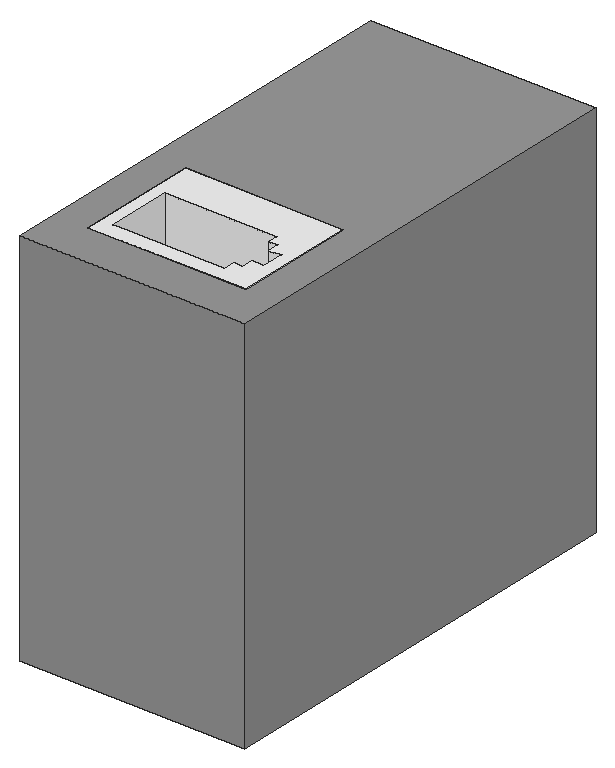
Revit family "Domotics-DomesticRanges-GEWISS-SYSTEM_DATA-PHONE_SOCKET_ENG", category Apparecchi elettrici, host Superficie, Revit 2016
Family settings
  Host = Superficie
  Mantenere orientamento annotazione = Sì
  Tipo di parte = Normale
  Quota connettore circolare = Usa diametro
  Numero OmniClass = 23.80.50.11.14
  Titolo OmniClass = Switches
  Taglio con vuoti quando caricato = Sì
  Condiviso = Sì
  Punto di calcolo locali = Sì
Parameters (values of type "GW21272 - SINGLE 1M BRITISH PHONE SOCKET SY/BK")
  Volt = 230 V
  Vista di pianta [instance] = yes
  Version file RFA = "19.4"
  URL = "https://www.gewiss.com/ww/en"
  Tipo_ = SYSTEM PRESE TEL ENG_BASE : GW21272 Presa telefonica Inglese 1M singola nero
  Technical sheet = "https://www.gewiss.com/ww/en/search?q=GW21272"
  Standard: = "UK"
  SIMBOLO [instance] = yes
  SEO = "Connector"
  Realized by GEWISS S.p.A. = ""
  Produttore = "GEWISS S.p.A."
  Offset pulsante [instance] = 0 mm
  Offset bidimensionale [instance] = 39.5 mm
  No. SYSTEM modules = "1"
  N. poli = 1
  Modello = "GW21272"
  Larghezza pulsante = 23 mm
  IFC.TypeObject = ""
  IFC.ExportType = ""
  IFC.ExportAs = ""
  IDT = "7866d6bf-aafb-40d5-8ada-9406e3f3ec0e"
  IDF = "0e5d4f40-860d-484c-97f0-836a3f57170f"
  Finitura pulsante = GEWISS ACCIAIO NERO
  Electrocod = "3721                "
  EAN code = "8011564128835"
  Distanza_x [instance] = 0 mm
  Distanza_effettiva_y [instance] = 100 mm
  Distanza_effettiva_x [instance] = 1500 mm - Distanza_x  # 1500 mm
  Distanza orizzontale simbolo [instance] = 231.658 mm
  Distanza dal muro [instance] = 4.208 mm
  Default Elevation = 1219.2 mm
  Immagine tipo = GW21272.jpg
  Descrizione = "SINGLE 1M BRITISH PHONE SOCKET SY/BK"
  Description: = "British 6 contacts"
  Description. = "Telephone socket-outlet"
  Connection = "Screw-on terminals"
  Colour = "Black"
  Catalogue Range = "SYSTEM - DOMESTIC RANGE"
  Catalogue = "DOMOTICS"
  Carico apparente = 0 VA
  COBie.Tagnumber = ""
  COBie.CreatedOn = ""
  COBie.CreatebBy = ""
  COBie.ComponentRegisterItemID = ""
  COBie.Component.TagNumber = ""
  COBie.Component.Space = ""
  COBie.Component.SerialNumber = ""
  COBie.Component.InstallationDate = ""
  COBie.Component.Description = ""
  COBie.Component.BarCode = ""
Types (2, lengths in mm): name | Tipo_ | Technical sheet | Modello | IDT | Finitura pulsante | EAN code | Immagine tipo | Descrizione | Colour
  GW20272 - SINGLE 1M BRITISH PHONE SOCKET SY/WT | SYSTEM PRESE TEL ENG_BASE : GW20272 Presa telefonica Inglese 1M singola bianco | "https://www.gewiss.com/ww/en/search?q=GW20272" | "GW20272" | "0fddc938-f66b-4424-a24e-25f8c26626e2" | GEWISS ACCIAIO BIANCO | "8011564123847" | GW20272.jpg | "SINGLE 1M BRITISH PHONE SOCKET SY/WT" | "White"
  GW21272 - SINGLE 1M BRITISH PHONE SOCKET SY/BK | SYSTEM PRESE TEL ENG_BASE : GW21272 Presa telefonica Inglese 1M singola nero | "https://www.gewiss.com/ww/en/search?q=GW21272" | "GW21272" | "7866d6bf-aafb-40d5-8ada-9406e3f3ec0e" | GEWISS ACCIAIO NERO | "8011564128835" | GW21272.jpg | "SINGLE 1M BRITISH PHONE SOCKET SY/BK" | "Black"
Reference planes
  plane 1 "Centro (Fronte/Retro)": y = 0
  plane 2: z = 0
  plane 3 "Centro (Sinistra/Destra)": x = 0
  plane 4: z = 0
  plane 5 "piano bidimensionale": z = 39.5
  plane 6: x = -11.5
  plane 7: x = 11.5
  plane 8 "A": z = 39
  plane 9: x = -1500
  plane 10: x = 0
  plane 11: y = 100
Lines and regions (mm)
  Masking region 1, visible <- "Vista di pianta"
    outline origin (0, 0, 0) x (1, 0, 0) y (0, 1, 0)
      loop
        line (-11.5, 22.5) -> (-11.5, -22.5) -> (11.5, -22.5) -> (11.5, 22.5) -> (-11.5, 22.5)
      loop
        line (-3.974, 12.386) -> (-5.036, 13.774) -> (-5.991, 13.362) -> (-6.815, 14.295) -> (-7.639, 15.878) -> (-6.75, 16.529) -> (-7.726, 18.22) -> (-9.049, 17.114) -> (-8.658, 15.791) -> (-7.942, 14.295) -> (-6.598, 12.386) -> (-5.687, 11.606) -> (-3.974, 12.386)
      loop
        line (-8.084, -5.561) -> (-8.084, -18.053) -> (8.084, -18.053) -> (8.084, -5.561) -> (-8.084, -5.561)
      loop
        line (4.652, -16.476) -> (4.652, -15.307) -> (5.588, -15.307) -> (5.588, -14.211) -> (6.864, -14.211) -> (6.864, -11.941) -> (5.588, -11.941) -> (5.588, -10.845) -> (4.652, -10.845) -> (4.652, -9.839) -> (-6.799, -9.839) -> (-6.799, -16.476) -> (4.652, -16.476)
  Masking region 2, visible <- "Vista di pianta"
    outline origin (0, 0, 0) x (1, 0, 0) y (0, 0, 1)
      loop
        line (11.5, 0) -> (11.5, 39) -> (-11.5, 39) -> (-11.5, 0) -> (11.5, 0)
  Masking region 3, visible <- "Vista di pianta"
    outline origin (0, 0, 0) x (0, 1, 0) y (0, 0, 1)
      loop
        line (22.5, 0) -> (22.5, 39) -> (-22.5, 39) -> (-22.5, 0) -> (22.5, 0)
  model lines, style "0", detail levels coarse
    curve 1: line (11.5, -22.5, 39.5) -> (-11.5, -22.5, 39.5)
    curve 2: line (-11.5, -22.5, 39.5) -> (-11.5, 22.5, 39.5)
    curve 3: line (-11.5, 22.5, 39.5) -> (11.5, 22.5, 39.5)
    curve 4: line (11.5, 22.5, 39.5) -> (11.5, -22.5, 39.5)
    curve 5: line (-8.084, -18.053, 39.5) -> (-8.084, -5.561, 39.5)
    curve 6: line (-8.084, -5.561, 39.5) -> (8.084, -5.561, 39.5)
    curve 7: line (8.084, -5.561, 39.5) -> (8.084, -18.053, 39.5)
    curve 8: line (8.084, -18.053, 39.5) -> (-8.084, -18.053, 39.5)
    curve 9: line (4.554, -10.262, 39.5) -> (4.554, -9.839, 39.5)
    curve 10: line (4.554, -9.839, 39.5) -> (-6.799, -9.839, 39.5)
    curve 11: line (-6.799, -9.839, 39.5) -> (-6.799, -14.947, 39.5)
    curve 12: line (-6.799, -14.947, 39.5) -> (-6.279, -14.947, 39.5)
    curve 13: line (-6.279, -14.947, 39.5) -> (-6.279, -16.476, 39.5)
    curve 14: line (-6.279, -16.476, 39.5) -> (4.652, -16.476, 39.5)
    curve 15: line (4.652, -16.476, 39.5) -> (4.652, -15.727, 39.5)
    curve 16: line (4.652, -15.727, 39.5) -> (6.148, -15.727, 39.5)
    curve 17: line (6.148, -15.727, 39.5) -> (6.148, -14.621, 39.5)
    curve 18: line (6.148, -14.621, 39.5) -> (6.864, -14.621, 39.5)
    curve 19: line (6.864, -14.621, 39.5) -> (6.864, -11.531, 39.5)
    curve 20: line (6.864, -11.531, 39.5) -> (6.148, -11.531, 39.5)
    curve 21: line (6.148, -11.531, 39.5) -> (6.148, -10.262, 39.5)
    curve 22: line (6.148, -10.262, 39.5) -> (4.554, -10.262, 39.5)
    curve 23: line (-7.726, 18.22, 39.5) -> (-9.049, 17.114, 39.5)
    curve 24: line (-9.049, 17.114, 39.5) -> (-8.658, 15.791, 39.5)
    curve 25: line (-8.658, 15.791, 39.5) -> (-7.942, 14.295, 39.5)
    curve 26: line (-7.942, 14.295, 39.5) -> (-6.598, 12.386, 39.5)
    curve 27: line (-6.598, 12.386, 39.5) -> (-5.687, 11.606, 39.5)
    curve 28: line (-5.687, 11.606, 39.5) -> (-3.974, 12.386, 39.5)
    curve 29: line (-3.974, 12.386, 39.5) -> (-5.036, 13.774, 39.5)
    curve 30: line (-5.036, 13.774, 39.5) -> (-5.991, 13.362, 39.5)
    curve 31: line (-5.991, 13.362, 39.5) -> (-6.815, 14.295, 39.5)
    curve 32: line (-6.815, 14.295, 39.5) -> (-7.639, 15.878, 39.5)
    curve 33: line (-7.639, 15.878, 39.5) -> (-6.75, 16.529, 39.5)
    curve 34: line (-6.75, 16.529, 39.5) -> (-7.726, 18.22, 39.5)
  model lines, style "0", not visible, detail levels coarse
    curve 35: line (99.729, 22.641, 49) -> (76.729, 22.641, 49)
    curve 36: line (76.729, 22.641, 49) -> (76.729, 67.641, 49)
    curve 37: line (76.729, 67.641, 49) -> (99.729, 67.641, 49)
    curve 38: line (99.729, 67.641, 49) -> (99.729, 22.641, 49)
    curve 39: line (80.145, 27.088, 49) -> (80.145, 39.58, 49)
    curve 40: line (80.145, 39.58, 49) -> (96.313, 39.58, 49)
    curve 41: line (96.313, 39.58, 49) -> (96.313, 27.088, 49)
    curve 42: line (96.313, 27.088, 49) -> (80.145, 27.088, 49)
    curve 43: line (92.784, 34.879, 49) -> (92.784, 35.302, 49)
    curve 44: line (92.784, 35.302, 49) -> (81.43, 35.302, 49)
    curve 45: line (81.43, 35.302, 49) -> (81.43, 30.195, 49)
    curve 46: line (81.43, 30.195, 49) -> (81.951, 30.195, 49)
    curve 47: line (81.951, 30.195, 49) -> (81.951, 28.666, 49)
    curve 48: line (81.951, 28.666, 49) -> (92.881, 28.666, 49)
    curve 49: line (92.881, 28.666, 49) -> (92.881, 29.414, 49)
    curve 50: line (92.881, 29.414, 49) -> (94.378, 29.414, 49)
    curve 51: line (94.378, 29.414, 49) -> (94.378, 30.52, 49)
    curve 52: line (94.378, 30.52, 49) -> (95.093, 30.52, 49)
    curve 53: line (95.093, 30.52, 49) -> (95.093, 33.611, 49)
    curve 54: line (95.093, 33.611, 49) -> (94.378, 33.611, 49)
    curve 55: line (94.378, 33.611, 49) -> (94.378, 34.879, 49)
    curve 56: line (94.378, 34.879, 49) -> (92.784, 34.879, 49)
    curve 57: line (83.085, 35.302, 49) -> (83.085, 32.644, 49)
    curve 58: line (83.085, 32.644, 49) -> (83.605, 32.644, 49)
    curve 59: line (83.605, 32.644, 49) -> (83.605, 35.302, 49)
    curve 60: line (84.754, 35.302, 49) -> (84.754, 32.644, 49)
    curve 61: line (84.754, 32.644, 49) -> (85.275, 32.644, 49)
    curve 62: line (85.275, 32.644, 49) -> (85.275, 35.302, 49)
    curve 63: line (86.424, 35.302, 49) -> (86.424, 32.644, 49)
    curve 64: line (86.424, 32.644, 49) -> (86.945, 32.644, 49)
    curve 65: line (86.945, 32.644, 49) -> (86.945, 35.302, 49)
    curve 66: line (88.094, 35.302, 49) -> (88.094, 32.644, 49)
    curve 67: line (88.094, 32.644, 49) -> (88.615, 32.644, 49)
    curve 68: line (88.615, 32.644, 49) -> (88.615, 35.302, 49)
    curve 69: line (89.764, 35.302, 49) -> (89.764, 32.644, 49)
    curve 70: line (89.764, 32.644, 49) -> (90.285, 32.644, 49)
    curve 71: line (90.285, 32.644, 49) -> (90.285, 35.302, 49)
    curve 72: line (91.434, 35.302, 49) -> (91.434, 32.644, 49)
    curve 73: line (91.434, 32.644, 49) -> (91.955, 32.644, 49)
    curve 74: line (91.955, 32.644, 49) -> (91.955, 35.302, 49)
    curve 75: line (80.504, 63.362, 49) -> (79.181, 62.256, 49)
    curve 76: line (79.181, 62.256, 49) -> (79.571, 60.933, 49)
    curve 77: line (79.571, 60.933, 49) -> (80.287, 59.436, 49)
    curve 78: line (80.287, 59.436, 49) -> (81.631, 57.528, 49)
    curve 79: line (81.631, 57.528, 49) -> (82.542, 56.747, 49)
    curve 80: line (82.542, 56.747, 49) -> (84.256, 57.528, 49)
    curve 81: line (84.256, 57.528, 49) -> (83.193, 58.916, 49)
    curve 82: line (83.193, 58.916, 49) -> (82.239, 58.504, 49)
    curve 83: line (82.239, 58.504, 49) -> (81.414, 59.436, 49)
    curve 84: line (81.414, 59.436, 49) -> (80.59, 61.02, 49)
    curve 85: line (80.59, 61.02, 49) -> (81.48, 61.67, 49)
    curve 86: line (81.48, 61.67, 49) -> (80.504, 63.362, 49)
    curve 87: line (94.988, -12.678, 39.5) -> (71.988, -12.678, 39.5)
    curve 88: line (71.988, -12.678, 39.5) -> (71.988, 32.322, 39.5)
    curve 89: line (71.988, 32.322, 39.5) -> (94.988, 32.322, 39.5)
    curve 90: line (94.988, 32.322, 39.5) -> (94.988, -12.678, 39.5)
    curve 91: line (75.404, -8.231, 39.5) -> (75.404, 4.261, 39.5)
    curve 92: line (75.404, 4.261, 39.5) -> (91.572, 4.261, 39.5)
    curve 93: line (91.572, 4.261, 39.5) -> (91.572, -8.231, 39.5)
    curve 94: line (91.572, -8.231, 39.5) -> (75.404, -8.231, 39.5)
    curve 95: line (88.043, -0.44, 39.5) -> (88.043, -0.017, 39.5)
    curve 96: line (88.043, -0.017, 39.5) -> (76.689, -0.017, 39.5)
    curve 97: line (76.689, -0.017, 39.5) -> (76.689, -5.125, 39.5)
    curve 98: line (76.689, -5.125, 39.5) -> (77.21, -5.125, 39.5)
    curve 99: line (77.21, -5.125, 39.5) -> (77.21, -6.654, 39.5)
    curve 100: line (77.21, -6.654, 39.5) -> (88.14, -6.654, 39.5)
    curve 101: line (88.14, -6.654, 39.5) -> (88.14, -5.905, 39.5)
    curve 102: line (88.14, -5.905, 39.5) -> (89.637, -5.905, 39.5)
    curve 103: line (89.637, -5.905, 39.5) -> (89.637, -4.799, 39.5)
    curve 104: line (89.637, -4.799, 39.5) -> (90.352, -4.799, 39.5)
    curve 105: line (90.352, -4.799, 39.5) -> (90.352, -1.709, 39.5)
    curve 106: line (90.352, -1.709, 39.5) -> (89.637, -1.709, 39.5)
    curve 107: line (89.637, -1.709, 39.5) -> (89.637, -0.44, 39.5)
    curve 108: line (89.637, -0.44, 39.5) -> (88.043, -0.44, 39.5)
    curve 109: line (75.763, 28.043, 39.5) -> (74.44, 26.936, 39.5)
    curve 110: line (74.44, 26.936, 39.5) -> (74.83, 25.613, 39.5)
    curve 111: line (74.83, 25.613, 39.5) -> (75.546, 24.117, 39.5)
    curve 112: line (75.546, 24.117, 39.5) -> (76.89, 22.209, 39.5)
    curve 113: line (76.89, 22.209, 39.5) -> (77.801, 21.428, 39.5)
    curve 114: line (77.801, 21.428, 39.5) -> (79.515, 22.209, 39.5)
    curve 115: line (79.515, 22.209, 39.5) -> (78.452, 23.597, 39.5)
    curve 116: line (78.452, 23.597, 39.5) -> (77.498, 23.184, 39.5)
    curve 117: line (77.498, 23.184, 39.5) -> (76.673, 24.117, 39.5)
    curve 118: line (76.673, 24.117, 39.5) -> (75.849, 25.7, 39.5)
    curve 119: line (75.849, 25.7, 39.5) -> (76.739, 26.351, 39.5)
    curve 120: line (76.739, 26.351, 39.5) -> (75.763, 28.043, 39.5)
Dimensions and locks
  "Offset pulsante": plane 4 to host face
  equal spacing: plane 6, plane 3 "Centro (Sinistra/Destra)", plane 7
  "Larghezza pulsante": plane 6 to plane 7
  locked: plane 8 "A" to plane 4 at 39
  plane 9 to plane 3 "Centro (Sinistra/Destra)" = 1500 mm
  "Distanza_effettiva_x": plane 9 to plane 10
  "Distanza_effettiva_y": plane 11 to plane 1 "Centro (Fronte/Retro)"
  "Offset bidimensionale": plane 5 "piano bidimensionale" to host face
  aligned and locked: plane 2 to host face
  aligned and locked: level to host face
  aligned and locked: plane 10 to nested 1
  aligned and locked: plane 1 "Centro (Fronte/Retro)" to nested 1
  aligned and locked: Masking region 1 sketch curve to plane 6
  aligned and locked: Masking region 1 sketch curve to plane 7
  aligned and locked: nested 2 to plane 10
  aligned and locked: nested 2 to plane 11
  aligned and locked: nested 1 to plane 4
  aligned and locked: Masking region 2 sketch curve to nested 1  (x2)
  aligned and locked: plane 4 to nested 1
  aligned and locked: Masking region 3 sketch curve to nested 1  (x4)
  aligned and locked: Masking region 3 to plane 4
Automatic sketch dimensions
  host sketch curve to host sketch curve = 2438.4 mm  (x2)
  plane 1 "Centro (Fronte/Retro)" to Masking region 1 sketch curve = 22.5 mm
  Masking region 1 sketch curve to plane 1 "Centro (Fronte/Retro)" = 22.5 mm
  Masking region 1 sketch curve to plane 3 "Centro (Sinistra/Destra)" = 3.974 mm
  Masking region 1 sketch curve to plane 1 "Centro (Fronte/Retro)" = 12.386 mm
  Masking region 1 sketch curve to Masking region 1 sketch curve = 1.713 mm
  Masking region 1 sketch curve to Masking region 1 sketch curve = 1.063 mm
  Masking region 1 sketch curve to Masking region 1 sketch curve = 0.781 mm  (x2)
  Masking region 1 sketch curve to Masking region 1 sketch curve = 1.388 mm
  Masking region 1 sketch curve to Masking region 1 sketch curve = 0.911 mm
  Masking region 1 sketch curve to Masking region 1 sketch curve = 1.345 mm
  Masking region 1 sketch curve to Masking region 1 sketch curve = 1.909 mm
  Masking region 1 sketch curve to Masking region 1 sketch curve = 0.716 mm
  Masking region 1 sketch curve to Masking region 1 sketch curve = 1.496 mm
  Masking region 1 sketch curve to Masking region 1 sketch curve = 0.39 mm
  Masking region 1 sketch curve to Masking region 1 sketch curve = 1.323 mm  (x2)
  Masking region 1 sketch curve to Masking region 1 sketch curve = 1.106 mm
  Masking region 1 sketch curve to Masking region 1 sketch curve = 0.976 mm
  Masking region 1 sketch curve to Masking region 1 sketch curve = 1.692 mm
  Masking region 1 sketch curve to Masking region 1 sketch curve = 1.019 mm
  Masking region 1 sketch curve to Masking region 1 sketch curve = 0.087 mm
  Masking region 1 sketch curve to Masking region 1 sketch curve = 1.128 mm
  Masking region 1 sketch curve to Masking region 1 sketch curve = 0 mm
  Masking region 1 sketch curve to Masking region 1 sketch curve = 0.954 mm
  Masking region 1 sketch curve to Masking region 1 sketch curve = 0.412 mm
  plane 6 to Masking region 1 sketch curve = 3.416 mm
  plane 1 "Centro (Fronte/Retro)" to Masking region 1 sketch curve = 5.561 mm
  Masking region 1 sketch curve to Masking region 1 sketch curve = 4.447 mm
  Masking region 1 sketch curve to plane 7 = 3.416 mm
  Masking region 1 sketch curve to Masking region 1 sketch curve = 1.285 mm
  Masking region 1 sketch curve to Masking region 1 sketch curve = 1.578 mm
  Masking region 1 sketch curve to Masking region 1 sketch curve = 3.432 mm
  Masking region 1 sketch curve to Masking region 1 sketch curve = 4.278 mm
  Masking region 1 sketch curve to Masking region 1 sketch curve = 1.006 mm
  Masking region 1 sketch curve to Masking region 1 sketch curve = 0.936 mm  (x2)
  Masking region 1 sketch curve to Masking region 1 sketch curve = 1.096 mm  (x2)
  Masking region 1 sketch curve to Masking region 1 sketch curve = 1.276 mm  (x2)
  Masking region 1 sketch curve to Masking region 1 sketch curve = 2.27 mm
  Masking region 2 sketch curve to plane 4 = 0 mm
  Masking region 2 sketch curve to plane 8 "A" = 0 mm
  curve 2 to curve 23 = 4.28 mm
  curve 23 to curve 24 = 1.106 mm
  curve 23 to curve 34 = 1.692 mm
  curve 33 to curve 32 = 0.651 mm
  curve 32 to curve 24 = 0.087 mm
  curve 32 to curve 32 = 1.583 mm
  curve 25 to curve 31 = 0 mm
  curve 31 to curve 29 = 0.521 mm
  curve 29 to curve 30 = 0.412 mm
  curve 30 to curve 26 = 0.976 mm
  curve 29 to curve 28 = 1.388 mm
  curve 27 to curve 27 = 0.781 mm
  curve 27 to curve 6 = 17.167 mm
  curve 5 to curve 11 = 4.278 mm
  curve 9 to curve 22 = 0.423 mm
  curve 21 to curve 19 = 1.269 mm
  curve 19 to curve 18 = 3.09 mm
  curve 17 to curve 16 = 1.106 mm
  curve 12 to curve 14 = 1.529 mm
  curve 13 to curve 8 = 1.578 mm
  curve 5 to curve 2 = 4.447 mm
  curve 2 to curve 24 = 2.451 mm
  curve 23 to curve 25 = 0.39 mm
  curve 1 to curve 5 = 3.416 mm
  curve 24 to curve 26 = 0.716 mm
  curve 23 to curve 23 = 1.323 mm
  curve 25 to curve 32 = 1.019 mm
  curve 25 to curve 32 = 1.128 mm
  curve 5 to curve 11 = 1.285 mm
  curve 32 to curve 34 = 0.889 mm
  curve 31 to curve 27 = 0.217 mm
  curve 11 to curve 13 = 0.521 mm
  curve 26 to curve 30 = 0.607 mm
  curve 27 to curve 27 = 0.911 mm
  curve 30 to curve 29 = 0.954 mm
  curve 29 to curve 28 = 1.063 mm
  curve 9 to curve 15 = 0.098 mm
  curve 9 to curve 20 = 1.594 mm
  curve 15 to curve 18 = 1.496 mm
  curve 17 to curve 19 = 0.716 mm
  curve 16 to curve 8 = 1.936 mm
  curve 28 to curve 4 = 15.474 mm
  curve 10 to curve 13 = 5.107 mm
  curve 10 to curve 9 = 11.353 mm
  curve 88 to curve 109 = 4.28 mm
  curve 109 to curve 110 = 1.106 mm
  curve 109 to curve 120 = 1.692 mm
  curve 119 to curve 118 = 0.651 mm
  curve 118 to curve 110 = 0.087 mm
  curve 118 to curve 118 = 1.583 mm
  curve 111 to curve 117 = 0 mm
  curve 117 to curve 115 = 0.521 mm
  curve 115 to curve 116 = 0.412 mm
  curve 116 to curve 112 = 0.976 mm
  curve 115 to curve 114 = 1.388 mm
  curve 113 to curve 113 = 0.781 mm
  curve 113 to curve 92 = 17.167 mm
  curve 91 to curve 97 = 4.278 mm
  curve 95 to curve 108 = 0.423 mm
  curve 107 to curve 105 = 1.269 mm
  curve 105 to curve 104 = 3.09 mm
  curve 103 to curve 102 = 1.106 mm
  curve 98 to curve 100 = 1.529 mm
  curve 99 to curve 94 = 1.578 mm
  curve 91 to curve 88 = 4.447 mm
  curve 88 to curve 110 = 2.451 mm
  curve 109 to curve 111 = 0.39 mm
  curve 87 to curve 91 = 3.416 mm
  curve 110 to curve 112 = 0.716 mm
  curve 109 to curve 109 = 1.323 mm
  curve 111 to curve 118 = 1.019 mm
  curve 111 to curve 118 = 1.128 mm
  curve 91 to curve 97 = 1.285 mm
  curve 118 to curve 120 = 0.889 mm
  curve 117 to curve 113 = 0.217 mm
  curve 97 to curve 99 = 0.521 mm
  curve 112 to curve 116 = 0.607 mm
  curve 113 to curve 113 = 0.911 mm
  curve 116 to curve 115 = 0.954 mm
  curve 115 to curve 114 = 1.063 mm
  curve 95 to curve 101 = 0.098 mm
  curve 95 to curve 106 = 1.594 mm
  curve 101 to curve 104 = 1.496 mm
  curve 103 to curve 105 = 0.716 mm
  curve 102 to curve 94 = 1.936 mm
  curve 114 to curve 90 = 15.474 mm
  curve 96 to curve 99 = 5.107 mm
  curve 96 to curve 95 = 11.353 mm
Nested families
  nested 1: "SYSTEM PRESE TEL ENG_BASE" at (0, 0, 0), type <- "Tipo_", type "GW21272 Presa telefonica Inglese 1M singola nero", detail levels medium+fine
  nested 2: "SIMBOLO" at (0, 100, 0), visible <- "SIMBOLO", SIMBOLO <- "SIMBOLO", type "SUONERIA"
    with SIMBOLO yes, Distanza dal muro 4.208 mm, BORDO ACCESO yes
Connectors
  electrical at (0, 0, 0), driven by "N. poli", driven by "Volt", driven by "Carico apparente"
    settings: on nested 1, index 1, voltage 230 V, apparent load 0 VA, apparent load phase1 0 VA, apparent load phase2 0 VA, apparent load phase3 0 VA, power factor 1, load classification "Altro", number of poles 1, system type 31, power factor state 1, is connector primary yes, connector utility no, sub classification motor no, connector description ""
Definition of nested family "SYSTEM PRESE TEL ENG_BASE"
  Parameters (values of type "GW21272 Presa telefonica Inglese 1M singola nero")
    Pulsante = none
    Profondità suporto = 15.673 mm
    Larghezza pulsante = 23 mm  # constant formula
    Bidimensionale = 39 mm
    Altezza pulsante = 45 mm
  Types (2): name
    GW20272 Presa telefonica Inglese 1M singola bianco
    GW21272 Presa telefonica Inglese 1M singola nero
  Reference planes
    plane 1 "Centro (Fronte/Retro)": y = 0
    plane 2: z = 0
    plane 3 "Centro (Sinistra/Destra)": x = 0
    plane 4: y = -22.5
    plane 5: y = 22.5
    plane 6: x = -11.5
    plane 7: x = 11.5
    plane 8 "A": z = 39
    plane 9: z = 29
    plane 10: z = 27
  Forms (mm)
    Extrusion 1, solid, material <- "Pulsante"
      sketch origin (0, 0, 39) x (-1, 0, 0) y (0, -1, 0)
        loop
          line (11.5, -22.5) -> (11.5, 22.5) -> (-11.5, 22.5) -> (-11.5, -22.5) -> (11.5, -22.5)
        loop
          line (8.084, 18.053) -> (-8.084, 18.053) -> (-8.084, 5.561) -> (8.084, 5.561) -> (8.084, 18.053)
      from -39 to 0
    Extrusion 2, solid
      sketch origin (0, 0, 39) x (-1, 0, 0) y (0, -1, 0)
        loop
          line (8.084, 18.053) -> (-8.084, 18.053) -> (-8.084, 5.561) -> (8.084, 5.561) -> (8.084, 18.053)
        loop
          line (6.799, 16.476) -> (-4.652, 16.476) -> (-4.652, 15.307) -> (-5.588, 15.307) -> (-5.588, 14.211) -> (-6.864, 14.211) -> (-6.864, 11.941) -> (-5.588, 11.941) -> (-5.588, 10.845) -> (-4.652, 10.845) -> (-4.652, 9.839) -> (6.799, 9.839) -> (6.799, 16.476)
      from -10 to 0
    Extrusion 3, solid
      sketch origin (0, 0, 39) x (-1, 0, 0) y (0, -1, 0)
        loop
          line (6.799, 9.839) -> (6.799, 16.476) -> (-4.652, 16.476) -> (-4.652, 15.307) -> (-5.588, 15.307) -> (-5.588, 14.211) -> (-6.864, 14.211) -> (-6.864, 11.941) -> (-5.588, 11.941) -> (-5.588, 10.845) -> (-4.652, 10.845) -> (-4.652, 9.839) -> (6.799, 9.839)
      from -12 to -10
    Extrusion 4, solid, material <- "Pulsante"
      sketch origin (0, 0, 0) x (0, 1, 0) y (0, 0, 1)
        loop
          line (-18.053, 0) -> (-5.561, 0) -> (-5.561, 1.969) -> (-18.053, 1.969) -> (-18.053, 0)
      from -8.084 to 8.084
  Cuts and joins
    joined: Extrusion 1, Extrusion 4
  Lines and regions (mm)
    model lines
      curve 1: line (-8.084, -18.053, 39) -> (-8.084, -5.561, 39)
      curve 2: line (-8.084, -5.561, 39) -> (8.084, -5.561, 39)
      curve 3: line (8.084, -5.561, 39) -> (8.084, -18.053, 39)
      curve 4: line (8.084, -18.053, 39) -> (-8.084, -18.053, 39)
      curve 5: line (-7.726, 18.22, 39) -> (-9.049, 17.114, 39)
      curve 6: line (-9.049, 17.114, 39) -> (-8.658, 15.791, 39)
      curve 7: line (-8.658, 15.791, 39) -> (-7.942, 14.295, 39)
      curve 8: line (-7.942, 14.295, 39) -> (-6.598, 12.386, 39)
      curve 9: line (-6.598, 12.386, 39) -> (-5.687, 11.606, 39)
      curve 10: line (-5.687, 11.606, 39) -> (-3.974, 12.386, 39)
      curve 11: line (-3.974, 12.386, 39) -> (-5.036, 13.774, 39)
      curve 12: line (-5.036, 13.774, 39) -> (-5.991, 13.362, 39)
      curve 13: line (-5.991, 13.362, 39) -> (-6.815, 14.295, 39)
      curve 14: line (-6.815, 14.295, 39) -> (-7.639, 15.878, 39)
      curve 15: line (-7.639, 15.878, 39) -> (-6.75, 16.529, 39)
      curve 16: line (-6.75, 16.529, 39) -> (-7.726, 18.22, 39)
  Dimensions and locks
    equal spacing: plane 4, plane 1 "Centro (Fronte/Retro)", plane 5
    plane 4 to plane 5 = 45 mm
    equal spacing: plane 6, plane 3 "Centro (Sinistra/Destra)", plane 7
    "Larghezza pulsante": plane 6 to plane 7
    equal spacing: plane 5, plane 1 "Centro (Fronte/Retro)", plane 4
    "Altezza pulsante": plane 5 to plane 4
    "Bidimensionale": plane 8 "A" to level
    plane 8 "A" to level = 39 mm
    plane 8 "A" to plane 9 = 10 mm
    locked: plane 9 to plane 10 at 2
    aligned and locked: level to plane 2
    aligned and locked: Extrusion 1 sketch curve to plane 6
    aligned and locked: Extrusion 1 sketch curve to plane 5
    aligned and locked: Extrusion 1 sketch curve to plane 7
    aligned and locked: Extrusion 1 sketch curve to plane 4
    aligned and locked: Extrusion 1 to level
    aligned and locked: plane 8 "A" to Extrusion 1
    aligned and locked: plane 8 "A" to Extrusion 2
    aligned and locked: Extrusion 3 to Extrusion 2
    aligned and locked: Extrusion 3 to plane 10
    aligned and locked: Extrusion 4 sketch curve to Extrusion 1  (x2)
    aligned and locked: Extrusion 4 to curve 1
    aligned and locked: Extrusion 4 to curve 2
  Automatic sketch dimensions
    curve 10 to plane 3 "Centro (Sinistra/Destra)" = 3.974 mm
    curve 10 to curve 12 = 1.063 mm
    curve 10 to curve 10 = 1.713 mm
    curve 11 to curve 13 = 0.954 mm
    curve 12 to curve 8 = 0.607 mm
    curve 11 to curve 16 = 1.713 mm
    curve 12 to curve 14 = 0.824 mm
    curve 15 to curve 15 = 0.889 mm
    curve 15 to curve 5 = 0.976 mm
    curve 13 to curve 7 = 1.128 mm
    curve 15 to curve 7 = 1.019 mm
    curve 7 to curve 5 = 0.39 mm
    curve 5 to plane 5 = 4.28 mm
    curve 5 to curve 6 = 1.106 mm
    curve 5 to curve 16 = 1.692 mm
    curve 15 to curve 15 = 0.651 mm
    curve 15 to curve 6 = 0.087 mm
    curve 14 to curve 13 = 1.583 mm
    curve 7 to curve 13 = 0 mm
    curve 13 to curve 11 = 0.521 mm
    curve 11 to curve 13 = 0.412 mm
    curve 12 to curve 9 = 0.976 mm
    curve 11 to curve 11 = 1.388 mm
    curve 9 to curve 9 = 0.781 mm
    plane 1 "Centro (Fronte/Retro)" to curve 2 = 5.561 mm
    plane 6 to Extrusion 1 sketch curve = 3.416 mm
    plane 1 "Centro (Fronte/Retro)" to Extrusion 1 sketch curve = 5.561 mm
    Extrusion 1 sketch curve to plane 7 = 3.416 mm
    plane 4 to Extrusion 1 sketch curve = 4.447 mm
    Extrusion 2 sketch curve to plane 7 = 3.416 mm
    Extrusion 2 sketch curve to Extrusion 2 sketch curve = 1.22 mm
    Extrusion 2 sketch curve to Extrusion 2 sketch curve = 1.276 mm  (x2)
    Extrusion 2 sketch curve to Extrusion 2 sketch curve = 0.936 mm  (x2)
    plane 6 to Extrusion 2 sketch curve = 4.701 mm
    plane 6 to Extrusion 2 sketch curve = 3.416 mm
    plane 1 "Centro (Fronte/Retro)" to Extrusion 2 sketch curve = 5.561 mm
    Extrusion 2 sketch curve to Extrusion 2 sketch curve = 4.278 mm
    Extrusion 2 sketch curve to Extrusion 2 sketch curve = 1.006 mm
    Extrusion 2 sketch curve to Extrusion 2 sketch curve = 1.096 mm  (x2)
    Extrusion 2 sketch curve to Extrusion 2 sketch curve = 2.27 mm
    Extrusion 2 sketch curve to Extrusion 2 sketch curve = 1.168 mm
    Extrusion 2 sketch curve to Extrusion 2 sketch curve = 2.746 mm
    plane 4 to curve 4 = 4.447 mm
    plane 6 to Extrusion 3 sketch curve = 4.701 mm
    plane 1 "Centro (Fronte/Retro)" to Extrusion 3 sketch curve = 9.839 mm
    plane 4 to Extrusion 3 sketch curve = 6.024 mm
    plane 3 "Centro (Sinistra/Destra)" to Extrusion 3 sketch curve = 4.652 mm
    Extrusion 3 sketch curve to Extrusion 3 sketch curve = 1.168 mm
    Extrusion 3 sketch curve to Extrusion 3 sketch curve = 0.936 mm  (x2)
    Extrusion 3 sketch curve to Extrusion 3 sketch curve = 1.096 mm  (x2)
    Extrusion 3 sketch curve to Extrusion 3 sketch curve = 1.276 mm  (x2)
    Extrusion 3 sketch curve to Extrusion 3 sketch curve = 2.27 mm
    Extrusion 4 sketch curve to level = 0 mm
    level to Extrusion 4 sketch curve = 1.969 mm
Definition of nested family "SIMBOLO"
  Parameters (values of type "SUONERIA")
    Simbolo = SIMBOLO SEGNAL ACUSTICA_BASE : SUONERIA
    SIMBOLO [instance] = yes
    Distanza dal muro [instance] = 4.208 mm
    BORDO ACCESO [instance] = yes
  Types (2, lengths in mm): name | Simbolo
    SUONERIA | SIMBOLO SEGNAL ACUSTICA_BASE : SUONERIA
    RONZATORE | SIMBOLO SEGNAL ACUSTICA_BASE : RONZATORE
  Reference planes
    plane 1: y = 0
    plane 2: x = 0
  Dimensions and locks
    aligned and locked: plane 2 to nested 1
    aligned and locked: plane 1 to nested 1
  Nested families
    nested 1: "SIMBOLO SEGNAL ACUSTICA_BASE" at (0, 0, 0), BORDO ACCESO <- "BORDO ACCESO", type <- "Simbolo", visible <- "SIMBOLO", type "SUONERIA"
      with BORDO ACCESO yes
  Definition of nested family "SIMBOLO SEGNAL ACUSTICA_BASE"
    Parameters (values of type "SUONERIA E")
      SUONERIA E = yes
      SUONERIA = no
      RONZATORE = no
      Distanza dal muro = 4.208 mm
      BORDO ACCESO [instance] = yes
    Types (4, lengths in mm): name | SUONERIA E | SUONERIA | RONZATORE
      COMM | yes | yes | yes
      SUONERIA | no | yes | no
      SUONERIA E | yes | no | no
      RONZATORE | no | no | yes
    Reference planes
      plane 1: y = 0
      plane 2: x = 0
    Lines and regions (mm)
      detail lines, visible <- "BORDO ACCESO", not visible
        curve 1: line (-1.743, 9.208, 0) -> (2.057, 9.208, 0)
        curve 2: line (2.057, 9.208, 0) -> (2.057, 4.208, 0)
        curve 3: line (2.057, 4.208, 0) -> (-1.743, 4.208, 0)
        curve 4: line (-1.743, 4.208, 0) -> (-1.743, 9.208, 0)
        curve 5: line (-1.543, 9.008, 0) -> (1.857, 9.008, 0)
        curve 6: line (1.857, 9.008, 0) -> (1.857, 4.408, 0)
        curve 7: line (1.857, 4.408, 0) -> (-1.543, 4.408, 0)
        curve 8: line (-1.543, 4.408, 0) -> (-1.543, 9.008, 0)
      detail lines, visible <- "SUONERIA E", not visible
        curve 9: line (-0.396, -1.509, 0) -> (-0.094, -0.868, 0)
      detail lines, not visible
        curve 10: circle (-0.493, -1.534, 0) r 0.1 normal (0, 0, 1)
